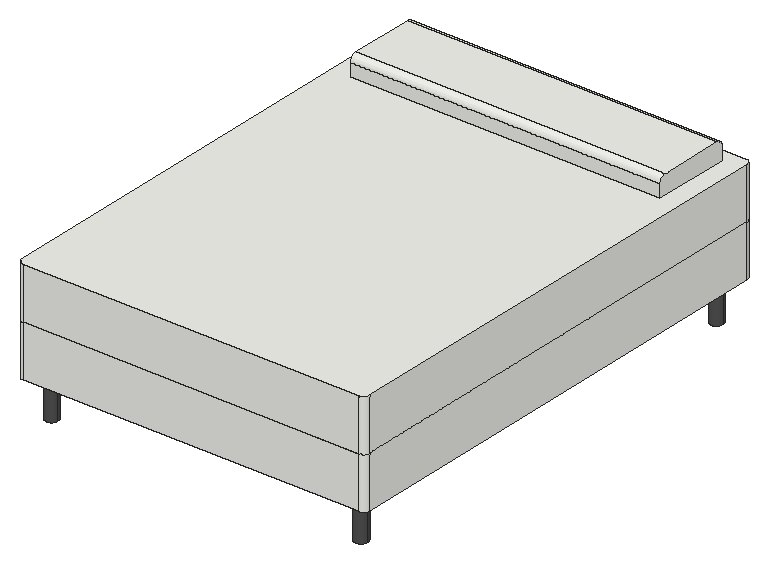
Revit family
Parameters (values of type "1372 x 1905mm - Double")
  Material Leg = Metal - Chrome
  Length = 1905.00 mm
  Material Mattress = Textile - White
  Width = 1372.00 mm
  Keynote = "N"
Types (5, lengths in mm): name | Length | Width
  (no name) | 1905.00 | 1372.00
  1372 x 1905mm - Double | 1905.00 | 1372.00
  0965 x 1905mm - Twin | 1905.00 | 965.00
  1525 x 2007mm - Queen | 2007.00 | 1525.00
  1981 x 2032mm - King | 2032.00 | 1981.00
Reference planes
  plane 1 "Center (Front/Back)": y = -45.595
  plane 2: z = 0
  plane 3 "Center (Left/Right)": x = 271.489
  plane 4: y = 906.905
  plane 5: y = -998.095
  plane 6: x = 957.489
  plane 7: x = -414.511
  plane 8: x = -338.311
  plane 9: x = 881.289
  plane 10: y = 830.705
  plane 11: y = -921.895
Forms (mm)
  Extrusion 1, solid, material "Textile - White"
    sketch origin (0, 0, 355.6) x (1, 0, 0) y (0, 1, 0)
      loop
        arc (-389.111, 906.905) -> (-407.072, 899.465) -> (-414.511, 881.505) r 25.4
        line (-414.511, 881.505) -> (-414.511, -972.695)
        arc (-414.511, -972.695) -> (-407.072, -990.656) -> (-389.111, -998.095) r 25.4
        line (-389.111, -998.095) -> (932.089, -998.095)
        arc (932.089, -998.095) -> (950.049, -990.656) -> (957.489, -972.695) r 25.4
        line (957.489, -972.695) -> (957.489, 881.505)
        arc (957.489, 881.505) -> (950.049, 899.465) -> (932.089, 906.905) r 25.4
        line (932.089, 906.905) -> (-389.111, 906.905)
    from 0 to 203.2
  Extrusion 2, solid, material "Metal - Chrome"
    sketch origin (0, 0, 0) x (1, 0, 0) y (0, 1, 0)
      loop
        circle (-338.311, 830.705) r 25.4
      loop
        circle (881.289, 830.705) r 25.4
      loop
        circle (881.289, -921.895) r 25.4
      loop
        circle (-338.311, -921.895) r 25.4
    from 0 to 152.4
  Extrusion 3, solid, material "Textile - White"
    sketch origin (957.489, 0, 0) x (0, -1, 0) y (0, 0, 1)
      loop
        line (-856.105, 558.8) -> (-551.305, 558.8) -> (-551.305, 609.6)
        arc (-551.305, 609.6) -> (-558.744, 627.561) -> (-576.705, 635) r 25.4
        line (-576.705, 635) -> (-830.705, 635)
        arc (-830.705, 635) -> (-848.665, 627.561) -> (-856.105, 609.6) r 25.4
        line (-856.105, 609.6) -> (-856.105, 558.8)
    from 76.2 to 1295.8
  Extrusion 4, solid, material "Textile - White"
    sketch origin (0, 0, 0) x (1, 0, 0) y (0, 1, 0)
      loop
        line (-414.511, 881.505) -> (-414.511, -972.695)
        arc (-414.511, -972.695) -> (-407.072, -990.656) -> (-389.111, -998.095) r 25.4
        line (-389.111, -998.095) -> (932.089, -998.095)
        arc (932.089, -998.095) -> (950.049, -990.656) -> (957.489, -972.695) r 25.4
        line (957.489, -972.695) -> (957.489, 881.505)
        arc (957.489, 881.505) -> (950.049, 899.465) -> (932.089, 906.905) r 25.4
        line (932.089, 906.905) -> (-389.111, 906.905)
        arc (-389.111, 906.905) -> (-407.072, 899.465) -> (-414.511, 881.505) r 25.4
    from 152.4 to 355.6
Lines and regions (mm)
  Masking region 1
    outline origin (0, 0, 0) x (1, 0, 0) y (0, 1, 0)
      loop
        line (-414.511, -998.095) -> (957.489, -998.095) -> (957.489, 906.905) -> (-414.511, 906.905) -> (-414.511, -998.095)
  symbolic lines
    curve 1: line (-414.511, 906.905, 0) -> (957.489, 906.905, 0)
    curve 2: line (-414.511, 906.905, 0) -> (-414.511, -998.095, 0)
    curve 3: line (-414.511, -998.095, 0) -> (957.489, -998.095, 0)
    curve 4: line (957.489, 906.905, 0) -> (957.489, -998.095, 0)
    curve 5: line (-338.311, 856.105, 0) -> (881.289, 856.105, 0)
    curve 6: line (-338.311, 856.105, 0) -> (-338.311, 602.105, 0)
    curve 7: line (-338.311, 602.105, 0) -> (881.289, 602.105, 0)
    curve 8: line (881.289, 856.105, 0) -> (881.289, 602.105, 0)
    curve 9: line (957.489, 602.105, 0) -> (-414.511, 384.183, 0)
Dimensions and locks
  equal spacing: plane 7, plane 3 "Center (Left/Right)", plane 6
  equal spacing: plane 5, plane 1 "Center (Front/Back)", plane 4
  "Width": plane 7 to plane 6
  "Length": plane 5 to plane 4
  locked: plane 10 to plane 4 at 76.2
  locked: plane 5 to plane 11 at 76.2
  locked: plane 7 to plane 8 at 76.2
  locked: plane 9 to plane 6 at 76.2
  locked: plane 7 to Extrusion 3 at 76.2
  locked: Extrusion 3 to plane 6 at 76.2
  aligned and locked: Extrusion 1 sketch curve to Extrusion 4  (x4)
Automatic sketch dimensions
  Extrusion 2 sketch curve to plane 11 = 0.00 mm  (x2)
  Extrusion 2 sketch curve to plane 8 = 0.00 mm  (x2)
  Extrusion 2 sketch curve to plane 10 = 0.00 mm  (x2)
  Extrusion 2 sketch curve to plane 9 = 0.00 mm  (x2)
  Extrusion 2 sketch curve to Extrusion 2 sketch curve = 25.40 mm  (x2)
  Extrusion 2 sketch curve to plane 7 = 50.80 mm
  plane 9 to Extrusion 2 sketch curve = 25.40 mm
  Extrusion 4 sketch curve to plane 7 = 0.00 mm
  Extrusion 4 sketch curve to plane 4 = 0.00 mm
  Extrusion 4 sketch curve to plane 5 = 0.00 mm
  Extrusion 4 sketch curve to plane 6 = 0.00 mm
  Extrusion 4 sketch curve to plane 7 = 25.40 mm  (x2)
  plane 6 to Extrusion 4 sketch curve = 25.40 mm
  plane 4 to Extrusion 4 sketch curve = 25.40 mm
  plane 4 to Extrusion 3 sketch curve = 50.80 mm
  Extrusion 3 sketch curve to Extrusion 3 sketch curve = 25.40 mm  (x2)
  Extrusion 3 sketch curve to Extrusion 3 sketch curve = 50.80 mm
  Extrusion 3 sketch curve to Extrusion 3 sketch curve = 254.00 mm
  level to Extrusion 3 sketch curve = 558.80 mm
  curve 3 to plane 5 = 0.00 mm
  curve 3 to plane 7 = 0.00 mm
  curve 3 to plane 6 = 0.00 mm
  curve 4 to plane 4 = 0.00 mm
  curve 6 to plane 7 = 76.20 mm
  curve 5 to curve 1 = 76.20 mm
  curve 9 to plane 1 "Center (Front/Back)" = 429.778 mm
  curve 9 to curve 7 = 217.922 mm
  curve 9 to curve 7 = 0.00 mm
  plane 4 to curve 6 = 50.80 mm
  Masking region 1 sketch curve to plane 4 = 0.00 mm
  Masking region 1 sketch curve to plane 7 = 0.00 mm
  Masking region 1 sketch curve to plane 6 = 0.00 mm
  Masking region 1 sketch curve to plane 5 = 0.00 mm
